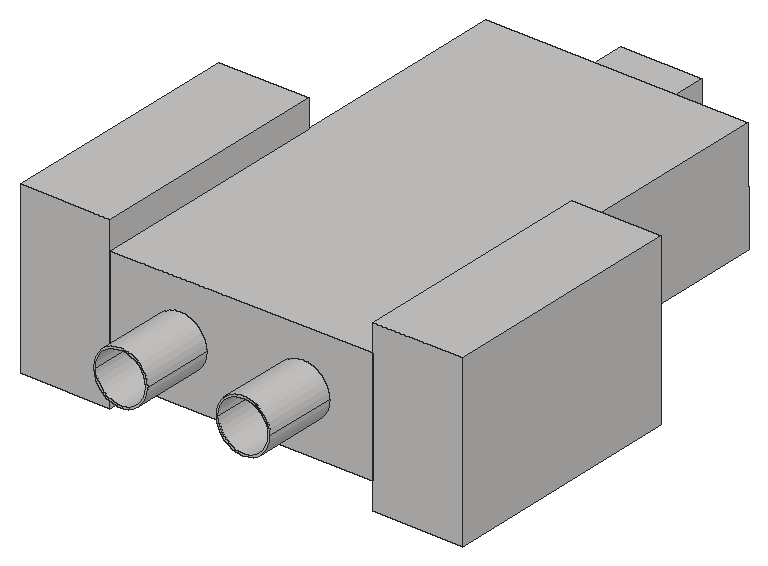
Revit family
Parameters
  Width = 1' - 7"
  Unit Weight = "72.0 lbs"
  URL = "http://www.titus-hvac.com/"
  UL = "181"
  SteriLoc Liner = Liner Option = 3  # no
  Outlet Width = 0' - 5 7/8"
  Outlet Height = 0' - 5 7/8"
  Nominal Width = Width + 1' 1"  # 2' - 8"
  Nominal Length = Length + Inlet Length + 0' 4"  # 3' - 7 3/8"
  Nominal Inlet Size = 0' - 4"
  Nominal Height = if(Height > 1' 0 1/4", Height, 1' 0 1/4")  # 1' - 0 1/4"
  NFPA = "90A"
  Model = "DMDV"
  Min. Air Flow = 0 CFM
  Max. Air Flow = 225 CFM
  Material = Steel
  Manufacturer = "Titus"
  Liner Option = 0
  Length = 2' - 10"
  Inlet Void Radius = Inlet Radius - 0' 0 1/8"  # 0' - 1 13/16"
  Inlet Radius = Inlet Diameter / 2  # 0' - 1 15/16"
  Inlet Offset = 0' - 8 7/8"
  Inlet Length = 0' - 5 3/8"
  Inlet Diameter = Nominal Inlet Size - 0' 0 1/8"  # 0' - 3 7/8"
  Height = 0' - 8 1/4"
  Heat Air Pressure Drop [instance] = 0.00 in-wg
  Heat Air Flow [instance] = 0 CFM
  Fiber Free Liner = Liner Option = 2  # no
  Duct Radius = Nominal Inlet Size / 2  # 0' - 2"
  Description = "Dual Duct Terminal Unit, Digital Control, Pressure Independent, High Performance Mixer"
  Cool Air Pressure Drop [instance] = 0.00 in-wg
  Cool Air Flow [instance] = 0 CFM
  CADworks URL = "www.CADworks.net"
  Assembly Code = "D3040100"
  1/2" Fiberglass Liner = Liner Option = 0  # yes
  1" Fiberglass Liner = Liner Option = 1  # no
Reference planes (in)
  plane 1 "Center (Front/Back)": y = 0
  plane 2: z = 0
  plane 3 "Center (Left/Right)": x = 0
  plane 4: x = 9.5
  plane 5: x = -9.5
  plane 6: y = 17
  plane 7: y = -17
  plane 8: z = 4.125
  plane 9: z = -4.125
  plane 10: x = -4.4375
  plane 11: x = 4.4375
  plane 12: y = -22.375
  plane 13: y = 21
  plane 14: x = -16
  plane 15: x = 16
  plane 16: y = -7
  plane 17: y = 7
  plane 18: z = 6.125
  plane 19: z = -6.125
Forms (in)
  Extrusion 1, solid, material "Steel" <- "Material"
    sketch origin (0, 9.5, -24) x (1, 0, 0) y (0, 0, 1)
      loop
        line (-9.5, 28.125) -> (-9.5, 19.875) -> (9.5, 19.875) -> (9.5, 28.125) -> (-9.5, 28.125)
    from -7.5 to 26.5
  Extrusion 2, solid, material "Steel" <- "Material"
    sketch origin (0, -23.5, 0) x (1, 0, 0) y (0, 0, 1)
      loop
        line (9.5, 6.125) -> (9.5, -6.125) -> (16, -6.125) -> (16, 6.125) -> (9.5, 6.125)
    from -24.5 to -6.5
  Extrusion 3, solid, material "Steel" <- "Material"
    sketch origin (0, -21.5, 0) x (-1, 0, 0) y (0, 0, -1)
      loop
        line (9.5, -6.125) -> (16, -6.125) -> (16, 6.125) -> (9.5, 6.125) -> (9.5, -6.125)
    from -22.5 to -4.5
  Extrusion 4, solid, material "Steel" <- "Material"
    sketch origin (0, -19, 0) x (1, 0, 0) y (0, 0, 1)
      loop
        circle (-4.4375, 0) r 1.9375
    from -2 to 3.375
  Extrusion 5, solid, material "Steel" <- "Material"
    sketch origin (0, -19, 0) x (-1, 0, 0) y (0, 0, -1)
      loop
        circle (-4.4375, 0) r 1.9375
    from -2 to 3.375
  Extrusion 6, void
    sketch origin (0, -10.375, 0) x (1, 0, 0) y (0, 0, 1)
      loop
        circle (-4.4375, 0) r 1.8125
    from -17.375 to 12
  Extrusion 7, void
    sketch origin (0, 0, 0) x (1, 0, 0) y (0, 0, 1)
      loop
        circle (4.4375, 0) r 1.8125
    from -7 to 22.375
  Extrusion 8, solid, material "Steel" <- "Material"
    sketch origin (0, 23, 0) x (1, 0, 0) y (0, 0, 1)
      loop
        line (-2.9375, 2.9375) -> (-2.9375, -2.9375) -> (2.9375, -2.9375) -> (2.9375, 2.9375) -> (-2.9375, 2.9375)
    from 2 to 6
  Extrusion 9, void
    sketch origin (0, 21.5, 0) x (1, 0, 0) y (0, 0, 1)
      loop
        line (-2.6875, 2.6875) -> (-2.6875, -2.6875) -> (2.6875, -2.6875) -> (2.6875, 2.6875) -> (-2.6875, 2.6875)
    from 0.5 to 28.5
Cuts and joins
  Extrusion 6, Extrusion 7, Extrusion 9 cuts Extrusion 1
  Extrusion 6 cuts Extrusion 4
  Extrusion 7 cuts Extrusion 5
  Extrusion 9 cuts Extrusion 8
Dimensions and locks (in)
  "Length": plane 7 to plane 6
  equal spacing: plane 7, plane 1 "Center (Front/Back)", plane 6
  "Width": plane 5 to plane 4
  equal spacing: plane 5, plane 3 "Center (Left/Right)", plane 4
  "Height": plane 9 to plane 8
  equal spacing: plane 9, level, plane 8
  locked: Extrusion 2 to plane 7 at 18
  locked: Extrusion 2 to Extrusion 2 at 12.25
  equal spacing: Extrusion 2, plane 2, Extrusion 2, locked at 6.125 each
  locked: Extrusion 2 to plane 4 at 6.5
  locked: Extrusion 3 to Extrusion 3 at 12.25
  equal spacing: Extrusion 3, plane 2, Extrusion 3, locked at 6.125 each
  locked: Extrusion 3 to plane 5 at 6.5
  locked: Extrusion 3 to plane 7 at 18
  "Inlet Offset": plane 10 to plane 11
  equal spacing: plane 10, plane 3 "Center (Left/Right)", plane 11
  "Inlet Length": plane 7 to plane 12
  "Inlet Length": plane 7 to Extrusion 4
  "Inlet Length": Extrusion 5 to plane 7
  locked: plane 6 to plane 13 at 4
  "Outlet Width": Extrusion 8 sketch curve to Extrusion 8 sketch curve
  equal spacing: Extrusion 8 sketch curve, plane 3 "Center (Left/Right)", Extrusion 8 sketch curve
  locked: Extrusion 4 sketch curve to level at 0
  locked: Extrusion 4 sketch curve to plane 10 at 0
  locked: Extrusion 5 sketch curve to level at 0
  locked: Extrusion 5 sketch curve to plane 11 at 0
  locked: Extrusion 6 sketch curve to level at 0
  locked: Extrusion 6 sketch curve to plane 10 at 0
  locked: Extrusion 7 sketch curve to level at 0
  locked: Extrusion 7 sketch curve to plane 11 at 0
  locked: cut or joined group of Extrusion 8, Extrusion 9 to Extrusion 9 sketch curve at 0.25  (x3)
  locked: Extrusion 9 sketch curve to cut or joined group of Extrusion 8, Extrusion 9 at 0.25
  "Outlet Height": Extrusion 8 sketch curve to Extrusion 8 sketch curve
  equal spacing: Extrusion 8 sketch curve, plane 2, Extrusion 8 sketch curve
  "Nominal Width": plane 14 to plane 15
  plane 13 to plane 12 = 3' - 7 3/8"
  locked: plane 14 to plane 5 at 6.5
  equal spacing: cut or joined group of Extrusion 8, Extrusion 9, plane 3 "Center (Left/Right)", cut or joined group of Extrusion 8, Extrusion 9
  locked: plane 17 to plane 7 at 24
  locked: plane 16 to plane 6 at 24
  "Inlet Radius": radius of Extrusion 4 sketch curve
  "Inlet Radius": radius of Extrusion 5 sketch curve
  "Inlet Void Radius": radius of Extrusion 6 sketch curve
  "Inlet Void Radius": radius of Extrusion 7 sketch curve
  aligned and locked: plane 6 to Extrusion 1
  aligned and locked: plane 4 to Extrusion 1
  aligned and locked: plane 5 to Extrusion 1
  aligned and locked: plane 7 to Extrusion 1
  aligned and locked: plane 8 to Extrusion 1
  aligned and locked: plane 7 to Extrusion 2
  aligned and locked: plane 7 to Extrusion 3
  aligned and locked: plane 12 to Extrusion 4
  aligned and locked: plane 7 to Extrusion 4
  aligned and locked: plane 7 to Extrusion 5
  aligned and locked: plane 6 to Extrusion 8
  aligned and locked: plane 13 to Extrusion 8
  aligned and locked: plane 12 to cut or joined group of Extrusion 4, Extrusion 6  (x2)
  aligned and locked: plane 12 to cut or joined group of Extrusion 5, Extrusion 7  (x2)
  aligned and locked: plane 13 to cut or joined group of Extrusion 8, Extrusion 9  (x2)
  aligned and locked: plane 14 to Extrusion 3  (x2)
  aligned and locked: plane 15 to Extrusion 2
  aligned and locked: Extrusion 6 to plane 12
  aligned and locked: Extrusion 7 to plane 12
  aligned and locked: Extrusion 9 to plane 13
  aligned and locked: Extrusion 2 to plane 15
  aligned and locked: Extrusion 2 to cut or joined group of Extrusion 1, Extrusion 6, Extrusion 7, Extrusion 9
  aligned and locked: Extrusion 3 to cut or joined group of Extrusion 1, Extrusion 6, Extrusion 7, Extrusion 9
  aligned and locked: cut or joined group of Extrusion 1, Extrusion 6, Extrusion 7, Extrusion 9 to plane 8
  aligned and locked: plane 9 to cut or joined group of Extrusion 1, Extrusion 6, Extrusion 7, Extrusion 9
  aligned and locked: plane 16 to Extrusion 9
  aligned and locked: plane 17 to Extrusion 6
  aligned and locked: Extrusion 7 to cut or joined group of Extrusion 1, Extrusion 6, Extrusion 7, Extrusion 9
Automatic sketch dimensions
  Extrusion 1 sketch curve to plane 5 = 0' - 0"
  Extrusion 1 sketch curve to plane 4 = 0' - 0"
  plane 9 to Extrusion 1 sketch curve = 0' - 0"
  plane 8 to Extrusion 1 sketch curve = 0' - 0"
  Extrusion 2 sketch curve to plane 4 = 0' - 0"
  plane 9 to Extrusion 2 sketch curve = 0' - 2"
  Extrusion 2 sketch curve to Extrusion 2 sketch curve = 0' - 6 1/2"
  Extrusion 2 sketch curve to plane 8 = 0' - 2"
  Extrusion 3 sketch curve to plane 5 = 0' - 0"
  plane 9 to Extrusion 3 sketch curve = 0' - 2"
  Extrusion 3 sketch curve to Extrusion 3 sketch curve = 0' - 6 1/2"
  Extrusion 3 sketch curve to plane 8 = 0' - 2"
Connectors (in)
  hvac at (4.4375, -22.375, 0), driven by "Duct Radius", driven by "Cool Air Pressure Drop", driven by "Cool Air Flow"
    settings: on cut or joined group of Extrusion 5, Extrusion 7, index 1
  hvac at (-4.4375, -22.375, 0), driven by "Duct Radius", driven by "Heat Air Pressure Drop", driven by "Heat Air Flow"
    settings: on cut or joined group of Extrusion 4, Extrusion 6, index 2
  hvac at (0, 21, 0), driven by "Outlet Height", driven by "Outlet Width"
    settings: on cut or joined group of Extrusion 8, Extrusion 9, index 3
